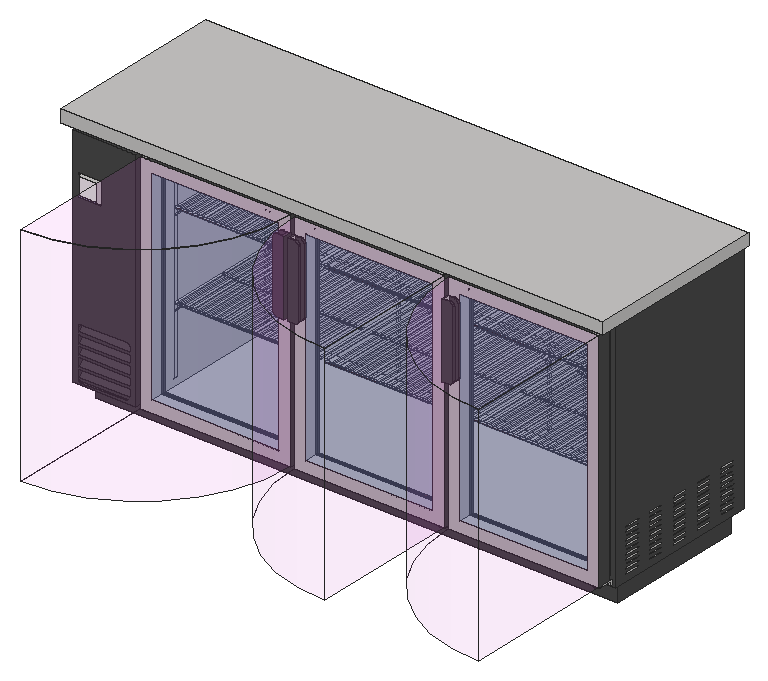
Revit family "QF_Kelvinator_738274_KCHBB72G_3-Glass_Door_Back_Bar_Refrigerator_Black_73_Long", category Specialty Equipment, Revit 2021 (continued)
Definition of nested family "KCHBB48S"
  Definition of nested family "Family1"
    Forms (in)
      Extrusion 9, solid
        sketch origin (-1.99196, -0.22718, 30.54873) x (0, -1, 0) y (1, 0, 0)
          loop
            circle (0.64782, 2.54332) r 0.25
        from 0 to 0.125
      Extrusion 10, solid
        sketch origin (-1, 0.35049, 31.46969) x (0, 0, -1) y (1, 0, 0)
          loop
            circle (0.77738, 2.54332) r 0.25
        from 0 to 0.125
      Extrusion 11, solid
        sketch origin (-2, 0.35049, 31.46969) x (0, 0, -1) y (1, 0, 0)
          loop
            circle (0.77738, 2.54332) r 0.25
        from 0 to 0.125
      Extrusion 12, solid
        sketch origin (0, 0.5, -1.02282) x (0, 0, -1) y (-1, 0, 0)
          loop
            line (-1.02282, 0) -> (-1.02282, -3) -> (-0.40238, -3) -> (-0.40238, 0) -> (-1.02282, 0)
        from 0 to -0.14951
      Extrusion 13, solid
        sketch origin (-38.39759, -180, 0) x (0, 1, 0) y (1, 0, 0)
          loop
            line (180.5, 38.39759) -> (180.5, 39.50032) -> (178.875, 39.50032)
            arc (178.875, 39.50032) -> (178.32364, 38.94896) -> (178.875, 38.39759) r 0.55136
            line (178.875, 38.39759) -> (180.5, 38.39759)
        from 0 to 0.14873
      Extrusion 14, solid
        sketch origin (0, 0.35049, -1.06969) x (0, 0, 1) y (-1, 0, 0)
          loop
            circle (0.77738, -2.54332) r 0.25
        from 0 to 0.125
      Extrusion 15, solid
        sketch origin (-1.99196, -0.22718, -0.14873) x (-1, 0, 0) y (0, 1, 0)
          loop
            circle (-2.54332, -0.64782) r 0.25
        from 0 to 0.125
      Extrusion 16, solid
        sketch origin (1, 0.35049, -1.06969) x (0, 0, 1) y (-1, 0, 0)
          loop
            circle (0.77738, -0.54332) r 0.25
        from 0 to 0.125
      Extrusion 17, solid
        sketch origin (2, 0.35049, -1.06969) x (0, 0, 1) y (-1, 0, 0)
          loop
            circle (0.77738, 1.45668) r 0.25
        from 0 to 0.125
      Extrusion 18, void
        sketch origin (0, 0, 0) x (1, 0, 0) y (0, 0, 1)
          loop
            line (18.7, 28.9) -> (1.5, 28.9) -> (1.5, 1.5) -> (18.7, 1.5) -> (18.7, 28.9)
        from -0.5 to 1.75
      Extrusion 19, solid
        sketch origin (0, 0, 0) x (1, 0, 0) y (0, 0, 1)
          loop
            line (1.5, 28.9) -> (1.5, 1.5) -> (18.7, 1.5) -> (18.7, 28.9) -> (1.5, 28.9)
        from 0 to 1.75
      Extrusion 20, solid
        sketch origin (0, -1.75, 0) x (1, 0, 0) y (0, 0, 1)
          loop
            line (18.7, 28.28433) -> (18.7, 18.28433) -> (20.2, 18.28433) -> (20.2, 28.28433) -> (18.7, 28.28433)
        from 0 to 1.07803
      Extrusion 21, void
        sketch origin (18.7, -1.75, 28.28433) x (0, 1, 0) y (1, 0, 0)
          loop
            line (-0.20136, 1.25) -> (-0.88809, 1.25) -> (-0.88809, 0) -> (-0.20136, 0) -> (-0.20136, 1.25)
        from 0 to 10
      Extrusion 22, void
        sketch origin (0, -1.75, 0) x (1, 0, 0) y (0, 0, 1)
          loop
            line (20.34063, 28.28433) -> (20.34063, 28.45985) -> (18.51722, 28.45985) -> (18.51722, 27.64371) -> (18.68438, 27.64371)
            arc (18.68438, 27.64371) -> (18.87201, 28.0967) -> (19.325, 28.28433) r 0.64062
            line (19.325, 28.28433) -> (20.34063, 28.28433)
          loop
            line (20.34063, 18.28433) -> (19.325, 18.28433)
            arc (19.325, 18.28433) -> (18.87201, 18.47197) -> (18.68438, 18.92496) r 0.64062
            line (18.68438, 18.92496) -> (18.51722, 18.92496) -> (18.51722, 18.10882) -> (20.34063, 18.10882) -> (20.34063, 18.28433)
        from 0 to 1.07803
      Extrusion 23, solid, visible <- "Show Clearance"
        sketch origin (0, 0, 0) x (1, 0, 0) y (0, 1, 0)
          loop
            line (0, -1.75) -> (0, -21.95)
            arc (0, -21.95) -> (14.28356, -16.03356) -> (20.2, -1.75) r 20.2
            line (20.2, -1.75) -> (0, -1.75)
        from 0 to 30.4
    Cuts and joins
      Extrusion 2, Extrusion 3, Extrusion 18, Extrusion 22 cuts Extrusion 1
      joined: Extrusion 6, Extrusion 7, Extrusion 8, Extrusion 9, Extrusion 10, Extrusion 11
      joined: Extrusion 12, Extrusion 13, Extrusion 14, Extrusion 15, Extrusion 16, Extrusion 17
      Extrusion 18, Extrusion 22 cuts Extrusion 4
      Extrusion 18 cuts Extrusion 5
      Extrusion 22 cuts Extrusion 19
      Extrusion 21, Extrusion 22 cuts Extrusion 20
    Lines and regions (in)
      Split face 1
        outline origin (0, -1.75, 30.4) x (-1, 0, 0) y (0, 0, -1)
          loop
            arc (-16.6075, 0.1875) -> (-16.295, 0.5) -> (-16.6075, 0.8125) r 0.3125
            line (-16.6075, 0.8125) -> (-17.70125, 0.8125)
            arc (-17.70125, 0.8125) -> (-18.01375, 0.5) -> (-17.70125, 0.1875) r 0.3125
            line (-17.70125, 0.1875) -> (-16.6075, 0.1875)
      Split face 2
        outline origin (0, -1.75, 30.4) x (-1, 0, 0) y (0, 0, -1)
          loop
            circle (-17.15437, 0.5) r 0.2773
      symbolic lines, visible <- "Show Clearance"
        curve 1: arc (17.31478, -12.15377, 0) -> (19.38442, -7.43194, 0) -> (20.19138, -2.34, 0) r 20.2
        curve 2: line (0.98192, -2.34, 0) -> (17.31478, -12.15377, 0)
    Dimensions and locks (in)
      equal spacing: plane 3 "LEFT", plane 7 "Center Y", plane 4 "RIGHT"
      "Length": plane 3 "LEFT" to plane 4 "RIGHT"
      equal spacing: plane 5 "FRONT", plane 8 "Center X", plane 1 "BACK"
      "Depth": plane 5 "FRONT" to plane 1 "BACK"
      "Height": plane 6 "TOP" to level
      locked: plane 13 to plane 4 "RIGHT" at 0.3125
      locked: plane 14 to plane 4 "RIGHT" at 1.5
      aligned and locked: level to plane 2
      aligned and locked: cut or joined group of Extrusion 4, Extrusion 18, Extrusion 22 to plane 13
      aligned and locked: cut or joined group of Extrusion 5, Extrusion 18 to plane 13
      aligned and locked: cut or joined group of Extrusion 19, Extrusion 22 to plane 14
      aligned and locked: plane 14 to cut or joined group of Extrusion 20, Extrusion 21, Extrusion 22
    Automatic sketch dimensions
      Extrusion 1 sketch curve to level = 0.000"
      Extrusion 1 sketch curve to plane 3 "LEFT" = 0.000"
      plane 4 "RIGHT" to Extrusion 1 sketch curve = 0.000"
      Extrusion 1 sketch curve to plane 6 "TOP" = 0.000"
      Extrusion 2 sketch curve to plane 6 "TOP" = 4.42179"
      Extrusion 2 sketch curve to Extrusion 2 sketch curve = 0.3367"
      Extrusion 2 sketch curve to Extrusion 2 sketch curve = 0.33813"  (x2)
      Extrusion 2 sketch curve to Extrusion 2 sketch curve = 0.09937"  (x2)
      Extrusion 2 sketch curve to Extrusion 2 sketch curve = 0.1008"  (x2)
      plane 12 to Extrusion 2 sketch curve = 4.2715"
      Extrusion 2 sketch curve to Extrusion 2 sketch curve = 0.06211"
      Extrusion 2 sketch curve to Extrusion 2 sketch curve = 0.541"  (x2)
      plane 7 "Center Y" to Extrusion 2 sketch curve = 4.175"
      Extrusion 2 sketch curve to Extrusion 2 sketch curve = 0.000"
      Extrusion 2 sketch curve to Extrusion 2 sketch curve = 0.47572"
      Extrusion 2 sketch curve to Extrusion 2 sketch curve = 0.063"
      Split face 1 sketch curve to cut or joined group of Extrusion 1, Extrusion 2, Extrusion 3, Extrusion 18, Extrusion 22 = 0.1875"
      cut or joined group of Extrusion 1, Extrusion 2, Extrusion 3, Extrusion 18, Extrusion 22 to Split face 1 sketch curve = 0.2873"  (x2)
      Split face 1 sketch curve to cut or joined group of Extrusion 1, Extrusion 2, Extrusion 3, Extrusion 18, Extrusion 22 = 0.03125"
      Split face 2 sketch curve to cut or joined group of Extrusion 1, Extrusion 2, Extrusion 3, Extrusion 18, Extrusion 22 = 0.03125"
      Split face 2 sketch curve to cut or joined group of Extrusion 1, Extrusion 2, Extrusion 3, Extrusion 18, Extrusion 22 = 0.25958"
      Extrusion 1 to Extrusion 3 sketch curve = 0.46875"
      Extrusion 1 to Extrusion 3 sketch curve = 2.78605"
      Extrusion 3 sketch curve to Extrusion 3 sketch curve = 0.51916"
      Extrusion 3 sketch curve to Extrusion 3 sketch curve = 0.0625"
      Extrusion 4 sketch curve to plane 1 "BACK" = 0.000"
      level to Extrusion 4 sketch curve = 0.32425"
      Extrusion 4 sketch curve to plane 6 "TOP" = 0.32575"
      Extrusion 4 sketch curve to Extrusion 4 sketch curve = 0.250"
      Extrusion 5 sketch curve to plane 9 = 0.000"
      level to Extrusion 5 sketch curve = 0.32425"
      Extrusion 5 sketch curve to plane 6 "TOP" = 0.32575"
      Extrusion 5 sketch curve to Extrusion 5 sketch curve = 0.250"
      Extrusion 6 sketch curve to plane 6 "TOP" = 0.000"
      Extrusion 6 sketch curve to plane 3 "LEFT" = 0.000"
      Extrusion 6 sketch curve to plane 10 = 0.12956"
      plane 12 to Extrusion 6 sketch curve = 2.6875"
      Extrusion 7 sketch curve to plane 9 = 0.000"
      Extrusion 7 sketch curve to plane 3 "LEFT" = 0.000"
      plane 12 to Extrusion 7 sketch curve = 0.23886"
      Extrusion 7 sketch curve to plane 8 "Center X" = 0.250"
      Extrusion 8 sketch curve to Extrusion 6 = 0.29232"
      Extrusion 8 sketch curve to Extrusion 6 = 0.45668"
      Extrusion 9 sketch curve to plane 8 "Center X" = 0.000"
      plane 12 to Extrusion 9 sketch curve = 0.23886"
      Extrusion 10 sketch curve to Extrusion 6 = 0.29232"
      Extrusion 10 sketch curve to Extrusion 6 = 1.45668"
      Extrusion 11 sketch curve to Extrusion 6 = 0.29232"
      Extrusion 11 sketch curve to Extrusion 6 = 0.54332"
      Extrusion 12 sketch curve to level = 0.000"
      Extrusion 12 sketch curve to plane 3 "LEFT" = 0.000"
      Extrusion 12 sketch curve to plane 11 = 0.12956"
      plane 12 to Extrusion 12 sketch curve = 2.6875"
      Extrusion 13 sketch curve to plane 3 "LEFT" = 0.000"
      Extrusion 13 sketch curve to plane 9 = 0.000"
      Extrusion 13 sketch curve to plane 8 "Center X" = 0.250"
      Extrusion 13 sketch curve to Extrusion 13 sketch curve = 0.55136"
      Extrusion 14 sketch curve to Extrusion 12 = 0.29232"
      Extrusion 14 sketch curve to Extrusion 12 = 0.45668"
      Extrusion 15 sketch curve to plane 8 "Center X" = 0.000"
      plane 12 to Extrusion 15 sketch curve = 0.23886"
      Extrusion 16 sketch curve to Extrusion 12 = 0.29232"
      Extrusion 16 sketch curve to Extrusion 12 = 1.45668"
      Extrusion 17 sketch curve to Extrusion 12 = 0.29232"
      Extrusion 17 sketch curve to Extrusion 12 = 0.54332"
      plane 3 "LEFT" to Extrusion 18 sketch curve = 1.500"
      Extrusion 18 sketch curve to plane 6 "TOP" = 1.500"
      level to Extrusion 18 sketch curve = 1.500"
      plane 4 "RIGHT" to Extrusion 18 sketch curve = 1.500"
      plane 12 to Extrusion 19 sketch curve = 1.1875"
      level to Extrusion 19 sketch curve = 1.500"
      Extrusion 19 sketch curve to plane 6 "TOP" = 1.500"
      plane 4 "RIGHT" to Extrusion 20 sketch curve = 0.000"
      Extrusion 20 sketch curve to plane 6 "TOP" = 12.11567"
      Extrusion 20 sketch curve to plane 6 "TOP" = 2.11567"
      Extrusion 21 sketch curve to Extrusion 20 = 1.250"
      Extrusion 21 sketch curve to Extrusion 20 = 1.500"
      Extrusion 20 to Extrusion 21 sketch curve = 0.18994"
      Extrusion 20 to Extrusion 21 sketch curve = 0.20136"
      Extrusion 22 sketch curve to Extrusion 20 = 0.000"  (x2)
      Extrusion 22 sketch curve to Extrusion 20 = 0.18278"  (x2)
      Extrusion 22 sketch curve to Extrusion 20 = 0.01562"  (x2)
      Extrusion 20 to Extrusion 22 sketch curve = 0.625"  (x2)
      Extrusion 22 sketch curve to Extrusion 20 = 0.14062"  (x2)
      Extrusion 22 sketch curve to Extrusion 20 = 0.17552"
      Extrusion 22 sketch curve to Extrusion 22 sketch curve = 0.17552"
      Extrusion 23 sketch curve to plane 3 "LEFT" = 0.000"
      Extrusion 23 sketch curve to plane 4 "RIGHT" = 0.000"
      plane 5 "FRONT" to Extrusion 23 sketch curve = 0.000"
      plane 13 to Extrusion 19 sketch curve = 1.1875"
      plane 13 to Extrusion 20 sketch curve = 1.1875"
      curve 1 to plane 3 "LEFT" = 0.000"
      curve 2 to plane 15 = 0.000"
      curve 1 to plane 15 = 0.000"
      plane 5 "FRONT" to curve 1 = 0.000"
      plane 14 to curve 2 = 1.38522"
      curve 2 to plane 15 = 9.81377"
      plane 12 to curve 2 = 0.66942"
      radius of Split face 2 sketch curve = 0.2773"
      radius of Extrusion 8 sketch curve = 0.250"
      radius of Extrusion 9 sketch curve = 0.250"
      radius of Extrusion 10 sketch curve = 0.250"
      radius of Extrusion 11 sketch curve = 0.250"
      radius of Extrusion 14 sketch curve = 0.250"
      radius of Extrusion 15 sketch curve = 0.250"
      radius of Extrusion 16 sketch curve = 0.250"
      radius of Extrusion 17 sketch curve = 0.250"
  Definition of nested family "Family2"
    Parameters (values of type "Family2")
      Weight in Pounds = 0
      URL Cutsheet = ""
      Specification by User = ""
      Specification by Manufacturer = ""
      Serial Number = ""
      Seismic Rating = ""
      SMACNA No = ""
      Revision Code = ""
      NAFEM Spec ID Number = ""
      Masterspec = ""
      Length = 60.250"
      Item Number = ""
      Installed By = ""
      Identify Quantity as Lot = yes
      Height = 27.000"
      Furnished By = ""
      Foodservice Equipment Identifier = yes
      Depth = 17.500"
      Default Elevation = 0.000"
      CSI MasterFormat = ""
    Reference planes (in)
      plane 1 "BACK": y = 0
      plane 2: z = 0
      plane 3 "LEFT": x = 0
      plane 4 "RIGHT": x = 60.25
      plane 5 "FRONT": y = -17.5
      plane 6 "TOP": z = 27
      plane 7 "Center Y": x = 30.125
      plane 8 "Center X": y = -8.75
      plane 9: x = 19.75
      plane 10: x = 40.5
      plane 11: x = 20.25
      plane 12: x = 40
    Forms (in)
      Sweep 1, solid
        path origin (0, -0.375, -12.5068) x (1, 0, 0) y (0, 1, 0)
          loop
            arc (0.77862, -0.125) -> (0.60184, -0.19822) -> (0.52862, -0.375) r 0.25
            line (0.52862, -0.375) -> (0.52862, -15.625)
            arc (0.52862, -15.625) -> (0.60184, -15.80178) -> (0.77862, -15.875) r 0.25
            line (0.77862, -15.875) -> (19.4375, -15.875)
            arc (19.4375, -15.875) -> (19.61428, -15.80178) -> (19.6875, -15.625) r 0.25
            line (19.6875, -15.625) -> (19.6875, -0.375)
            arc (19.6875, -0.375) -> (19.61428, -0.19822) -> (19.4375, -0.125) r 0.25
            line (19.4375, -0.125) -> (0.77862, -0.125)
        profile origin (10.10806, -0.5, -12.5068) x (0, 1, 0) y (0, 0, 1)
          loop
            circle (0, 33.51221) r 0.125
      Sweep 2, solid
        path origin (0, -0.375, -12.5068) x (1, 0, 0) y (0, 0, 1)
          loop
            line (0.65748, 33.41305) -> (0.65748, 34.5)
            arc (0.65748, 34.5) -> (0.80392, 34.85355) -> (1.15748, 35) r 0.5
            line (1.15748, 35) -> (18.93214, 35)
            arc (18.93214, 35) -> (19.28569, 34.85355) -> (19.43214, 34.5) r 0.5
            line (19.43214, 34.5) -> (19.43214, 33.39548)
        profile origin (1.15748, -0.375, 22.4932) x (0, 0, 1) y (0, -1, 0)
          loop
            circle (0, 0.125) r 0.125
      Extrusion 3, solid
        sketch origin (0, -0.375, -12.5068) x (1, 0, 0) y (0, 0, 1)
          loop
            circle (1.24728, 33.51221) r 0.11607
          loop
            circle (1.99728, 33.51221) r 0.11719
          loop
            circle (2.74728, 33.51221) r 0.11719
          loop
            circle (3.49728, 33.51221) r 0.11719
          loop
            circle (4.24728, 33.51221) r 0.11719
          loop
            circle (4.99728, 33.51221) r 0.11719
          loop
            circle (5.74728, 33.51221) r 0.11719
          loop
            circle (6.49728, 33.51221) r 0.11719
          loop
            circle (7.24728, 33.51221) r 0.11719
          loop
            circle (7.99728, 33.51221) r 0.11719
          loop
            circle (8.74728, 33.51221) r 0.11719
          loop
            circle (12.59103, 33.51221) r 0.11719
          loop
            circle (9.49728, 33.51221) r 0.11719
          loop
            circle (10.24728, 33.51221) r 0.11719
          loop
            circle (10.99728, 33.51221) r 0.11719
          loop
            circle (11.74728, 33.51221) r 0.11719
          loop
            circle (16.44022, 33.51221) r 0.11719
          loop
            circle (15.69022, 33.51221) r 0.11719
          loop
            circle (14.94022, 33.51221) r 0.11719
          loop
            circle (14.19022, 33.51221) r 0.11719
          loop
            circle (13.44022, 33.51221) r 0.11719
          loop
            circle (18.71603, 33.51221) r 0.11719
          loop
            circle (17.12228, 33.51221) r 0.11719
          loop
            circle (17.87228, 33.51221) r 0.11719
        from 0.11338 to 15.87625
      Extrusion 4, solid
        sketch origin (0, -0.375, -12.5068) x (0, 1, 0) y (0, 0, 1)
          loop
            circle (-8, 33.51181) r 0.11366
        from 0.53657 to 19.50171
      Extrusion 5, solid
        sketch origin (17.375, -16, 0) x (1, 0, 0) y (0, 0, 1)
          loop
            line (42.875, 27) -> (42.69822, 26.82322) -> (42.69822, 0.17678) -> (42.875, 0) -> (42.875, 27)
        from 0 to -0.25
      Extrusion 6, solid
        sketch origin (17.375, -0.5, 0) x (1, 0, 0) y (0, 0, -1)
          loop
            line (42.875, -27) -> (42.875, 0) -> (42.69822, -0.17678) -> (42.69822, -26.82322) -> (42.875, -27)
        from 0 to -0.25
      Extrusion 7, solid
        sketch origin (10.98556, -16, -0.25) x (1, 0, 0) y (0, 0, 1)
          loop
            line (49.08766, 9.5) -> (49.08766, 9.625) -> (48.04932, 9.625)
            arc (48.04932, 9.625) -> (48.01474, 9.60189) -> (48.02285, 9.5611) r 0.03743
            line (48.02285, 9.5611) -> (49.08766, 8.49629) -> (49.08766, 8.67306) -> (48.30703, 9.45369)
            arc (48.30703, 9.45369) -> (48.30115, 9.48325) -> (48.32622, 9.5) r 0.02713
            line (48.32622, 9.5) -> (49.08766, 9.5)
          loop
            line (49.08766, 21) -> (49.08766, 21.125) -> (48.04932, 21.125)
            arc (48.04932, 21.125) -> (48.01474, 21.10189) -> (48.02285, 21.0611) r 0.03743
            line (48.02285, 21.0611) -> (49.08766, 19.99629) -> (49.08766, 20.17306) -> (48.30703, 20.95369)
            arc (48.30703, 20.95369) -> (48.30115, 20.98325) -> (48.32622, 21) r 0.02713
            line (48.32622, 21) -> (49.08766, 21)
        from 0 to -0.25
      Extrusion 8, solid
        sketch origin (11.0625, -0.5, -0.25) x (1, 0, 0) y (0, 0, -1)
          loop
            line (49.01072, -9.5) -> (48.24928, -9.5)
            arc (48.24928, -9.5) -> (48.22422, -9.48325) -> (48.2301, -9.45369) r 0.02713
            line (48.2301, -9.45369) -> (49.01072, -8.67306) -> (49.01072, -8.49629) -> (47.94591, -9.5611)
            arc (47.94591, -9.5611) -> (47.9378, -9.60189) -> (47.97238, -9.625) r 0.03743
            line (47.97238, -9.625) -> (49.01072, -9.625) -> (49.01072, -9.5)
          loop
            line (49.01072, -21) -> (48.24928, -21)
            arc (48.24928, -21) -> (48.22422, -20.98325) -> (48.2301, -20.95369) r 0.02713
            line (48.2301, -20.95369) -> (49.01072, -20.17306) -> (49.01072, -19.99629) -> (47.94591, -21.0611)
            arc (47.94591, -21.0611) -> (47.9378, -21.10189) -> (47.97238, -21.125) r 0.03743
            line (47.97238, -21.125) -> (49.01072, -21.125) -> (49.01072, -21)
        from 0 to -0.25
      Extrusion 9, solid
        sketch origin (18.875, -16, 0) x (-1, 0, 0) y (0, 0, -1)
          loop
            line (18.875, -27) -> (18.875, 0) -> (18.69822, -0.17678) -> (18.69822, -26.82322) -> (18.875, -27)
        from 0 to -0.25
      Extrusion 10, solid
        sketch origin (18.875, -0.5, 0) x (-1, 0, 0) y (0, 0, 1)
          loop
            line (18.875, 27) -> (18.69822, 26.82322) -> (18.69822, 0.17678) -> (18.875, 0) -> (18.875, 27)
        from 0 to -0.25
      Extrusion 11, solid
        sketch origin (25.26444, -16, -0.25) x (-1, 0, 0) y (0, 0, -1)
          loop
            line (25.08766, -9.5) -> (24.32622, -9.5)
            arc (24.32622, -9.5) -> (24.30115, -9.48325) -> (24.30703, -9.45369) r 0.02713
            line (24.30703, -9.45369) -> (25.08766, -8.67306) -> (25.08766, -8.49629) -> (24.02285, -9.5611)
            arc (24.02285, -9.5611) -> (24.01474, -9.60189) -> (24.04932, -9.625) r 0.03743
            line (24.04932, -9.625) -> (25.08766, -9.625) -> (25.08766, -9.5)
          loop
            line (25.08766, -21) -> (24.32622, -21)
            arc (24.32622, -21) -> (24.30115, -20.98325) -> (24.30703, -20.95369) r 0.02713
            line (24.30703, -20.95369) -> (25.08766, -20.17306) -> (25.08766, -19.99629) -> (24.02285, -21.0611)
            arc (24.02285, -21.0611) -> (24.01474, -21.10189) -> (24.04932, -21.125) r 0.03743
            line (24.04932, -21.125) -> (25.08766, -21.125) -> (25.08766, -21)
        from 0 to -0.25
      Extrusion 12, solid
        sketch origin (25.1875, -0.5, -0.25) x (-1, 0, 0) y (0, 0, 1)
          loop
            line (25.01072, 9.5) -> (25.01072, 9.625) -> (23.97238, 9.625)
            arc (23.97238, 9.625) -> (23.9378, 9.60189) -> (23.94591, 9.5611) r 0.03743
            line (23.94591, 9.5611) -> (25.01072, 8.49629) -> (25.01072, 8.67306) -> (24.2301, 9.45369)
            arc (24.2301, 9.45369) -> (24.22422, 9.48325) -> (24.24928, 9.5) r 0.02713
            line (24.24928, 9.5) -> (25.01072, 9.5)
          loop
            line (25.01072, 21) -> (25.01072, 21.125) -> (23.97238, 21.125)
            arc (23.97238, 21.125) -> (23.9378, 21.10189) -> (23.94591, 21.0611) r 0.03743
            line (23.94591, 21.0611) -> (25.01072, 19.99629) -> (25.01072, 20.17306) -> (24.2301, 20.95369)
            arc (24.2301, 20.95369) -> (24.22422, 20.98325) -> (24.24928, 21) r 0.02713
            line (24.24928, 21) -> (25.01072, 21)
        from 0 to -0.25
      Extrusion 13, solid
        sketch origin (2.25171, -18.875, 0) x (0, 1, 0) y (0, 0, -1)
          loop
            line (18.875, -27) -> (18.875, 0) -> (18.69822, -0.17678) -> (18.69822, -26.82322) -> (18.875, -27)
        from 0 to -0.25
      Extrusion 14, solid
        sketch origin (2.25171, -25.26444, -0.25) x (0, 1, 0) y (0, 0, -1)
          loop
            line (25.08766, -9.48438) -> (24.32622, -9.48438)
            arc (24.32622, -9.48438) -> (24.30115, -9.46763) -> (24.30703, -9.43806) r 0.02713
            line (24.30703, -9.43806) -> (25.08766, -8.65744) -> (25.08766, -8.48066) -> (24.02285, -9.54547)
            arc (24.02285, -9.54547) -> (24.01474, -9.58627) -> (24.04932, -9.60938) r 0.03743
            line (24.04932, -9.60938) -> (25.08766, -9.60938) -> (25.08766, -9.48438)
          loop
            line (25.08766, -21) -> (24.32622, -21)
            arc (24.32622, -21) -> (24.30115, -20.98325) -> (24.30703, -20.95369) r 0.02713
            line (24.30703, -20.95369) -> (25.08766, -20.17306) -> (25.08766, -19.99629) -> (24.02285, -21.0611)
            arc (24.02285, -21.0611) -> (24.01474, -21.10189) -> (24.04932, -21.125) r 0.03743
            line (24.04932, -21.125) -> (25.08766, -21.125) -> (25.08766, -21)
        from 0 to -0.25
      Extrusion 15, solid
        sketch origin (17.43921, -18.875, 0) x (0, 1, 0) y (0, 0, -1)
          loop
            line (18.875, -27) -> (18.875, 0) -> (18.69822, -0.17678) -> (18.69822, -26.82322) -> (18.875, -27)
        from 0 to -0.25
      Extrusion 16, solid
        sketch origin (17.43921, -25.26444, -0.25) x (0, 1, 0) y (0, 0, -1)
          loop
            line (25.08766, -9.48438) -> (24.32622, -9.48438)
            arc (24.32622, -9.48438) -> (24.30115, -9.46763) -> (24.30703, -9.43806) r 0.02713
            line (24.30703, -9.43806) -> (25.08766, -8.65744) -> (25.08766, -8.48066) -> (24.02285, -9.54547)
            arc (24.02285, -9.54547) -> (24.01474, -9.58627) -> (24.04932, -9.60938) r 0.03743
            line (24.04932, -9.60938) -> (25.08766, -9.60938) -> (25.08766, -9.48438)
          loop
            line (25.08766, -21) -> (24.32622, -21)
            arc (24.32622, -21) -> (24.30115, -20.98325) -> (24.30703, -20.95369) r 0.02713
            line (24.30703, -20.95369) -> (25.08766, -20.17306) -> (25.08766, -19.99629) -> (24.02285, -21.0611)
            arc (24.02285, -21.0611) -> (24.01474, -21.10189) -> (24.04932, -21.125) r 0.03743
            line (24.04932, -21.125) -> (25.08766, -21.125) -> (25.08766, -21)
        from 0 to -0.25
      Sweep 17, solid
        path origin (0, -0.375, -24.0068) x (1, 0, 0) y (0, 1, 0)
          loop
            arc (0.77862, -0.125) -> (0.60184, -0.19822) -> (0.52862, -0.375) r 0.25
            line (0.52862, -0.375) -> (0.52862, -15.625)
            arc (0.52862, -15.625) -> (0.60184, -15.80178) -> (0.77862, -15.875) r 0.25
            line (0.77862, -15.875) -> (19.4375, -15.875)
            arc (19.4375, -15.875) -> (19.61428, -15.80178) -> (19.6875, -15.625) r 0.25
            line (19.6875, -15.625) -> (19.6875, -0.375)
            arc (19.6875, -0.375) -> (19.61428, -0.19822) -> (19.4375, -0.125) r 0.25
            line (19.4375, -0.125) -> (0.77862, -0.125)
        profile origin (10.10806, -0.5, -24.0068) x (0, 1, 0) y (0, 0, 1)
          loop
            circle (0, 33.51221) r 0.125
      Sweep 18, solid
        path origin (0, -0.375, -24.0068) x (1, 0, 0) y (0, 0, 1)
          loop
            line (0.65748, 33.41305) -> (0.65748, 34.5)
            arc (0.65748, 34.5) -> (0.80392, 34.85355) -> (1.15748, 35) r 0.5
            line (1.15748, 35) -> (18.93214, 35)
            arc (18.93214, 35) -> (19.28569, 34.85355) -> (19.43214, 34.5) r 0.5
            line (19.43214, 34.5) -> (19.43214, 33.39548)
        profile origin (1.15748, -0.375, 10.9932) x (0, 0, 1) y (0, -1, 0)
          loop
            circle (0, 0.125) r 0.125
      Extrusion 19, solid
        sketch origin (0, -0.375, -24.0068) x (1, 0, 0) y (0, 0, 1)
          loop
            circle (1.24728, 33.51221) r 0.11607
          loop
            circle (1.99728, 33.51221) r 0.11719
          loop
            circle (2.74728, 33.51221) r 0.11719
          loop
            circle (3.49728, 33.51221) r 0.11719
          loop
            circle (4.24728, 33.51221) r 0.11719
          loop
            circle (4.99728, 33.51221) r 0.11719
          loop
            circle (5.74728, 33.51221) r 0.11719
          loop
            circle (6.49728, 33.51221) r 0.11719
          loop
            circle (7.24728, 33.51221) r 0.11719
          loop
            circle (7.99728, 33.51221) r 0.11719
          loop
            circle (8.74728, 33.51221) r 0.11719
          loop
            circle (12.59103, 33.51221) r 0.11719
          loop
            circle (9.49728, 33.51221) r 0.11719
          loop
            circle (10.24728, 33.51221) r 0.11719
          loop
            circle (10.99728, 33.51221) r 0.11719
          loop
            circle (11.74728, 33.51221) r 0.11719
          loop
            circle (16.44022, 33.51221) r 0.11719
          loop
            circle (15.69022, 33.51221) r 0.11719
          loop
            circle (14.94022, 33.51221) r 0.11719
          loop
            circle (14.19022, 33.51221) r 0.11719
          loop
            circle (13.44022, 33.51221) r 0.11719
          loop
            circle (18.71603, 33.51221) r 0.11719
          loop
            circle (17.12228, 33.51221) r 0.11719
          loop
            circle (17.87228, 33.51221) r 0.11719
        from 0.11338 to 15.87625
      Extrusion 20, solid
        sketch origin (0, -0.375, -24.0068) x (0, 1, 0) y (0, 0, 1)
          loop
            circle (-8, 33.51181) r 0.11366
        from 0.53657 to 19.50171
      Sweep 21, solid
        path origin (60.25, -0.375, -12.5068) x (-1, 0, 0) y (0, -1, 0)
          loop
            line (0.77862, 0.125) -> (19.4375, 0.125)
            arc (19.4375, 0.125) -> (19.61428, 0.19822) -> (19.6875, 0.375) r 0.25
            line (19.6875, 0.375) -> (19.6875, 15.625)
            arc (19.6875, 15.625) -> (19.61428, 15.80178) -> (19.4375, 15.875) r 0.25
            line (19.4375, 15.875) -> (0.77862, 15.875)
            arc (0.77862, 15.875) -> (0.60184, 15.80178) -> (0.52862, 15.625) r 0.25
            line (0.52862, 15.625) -> (0.52862, 0.375)
            arc (0.52862, 0.375) -> (0.60184, 0.19822) -> (0.77862, 0.125) r 0.25
        profile origin (50.14194, -0.5, -12.5068) x (0, -1, 0) y (0, 0, 1)
          loop
            circle (0, 33.51221) r 0.125
      Sweep 22, solid
        path origin (60.25, -0.375, -12.5068) x (-1, 0, 0) y (0, 0, -1)
          loop
            line (0.65748, -33.41305) -> (0.65748, -34.5)
            arc (0.65748, -34.5) -> (0.80392, -34.85355) -> (1.15748, -35) r 0.5
            line (1.15748, -35) -> (18.93214, -35)
            arc (18.93214, -35) -> (19.28569, -34.85355) -> (19.43214, -34.5) r 0.5
            line (19.43214, -34.5) -> (19.43214, -33.39548)
        profile origin (59.09252, -0.375, 22.4932) x (0, 0, -1) y (0, -1, 0)
          loop
            circle (0, 0.125) r 0.125
      Extrusion 23, solid
        sketch origin (60.25, -0.375, -12.5068) x (-1, 0, 0) y (0, 0, -1)
          loop
            circle (1.24728, -33.51221) r 0.11607
          loop
            circle (1.99728, -33.51221) r 0.11719
          loop
            circle (2.74728, -33.51221) r 0.11719
          loop
            circle (3.49728, -33.51221) r 0.11719
          loop
            circle (4.24728, -33.51221) r 0.11719
          loop
            circle (4.99728, -33.51221) r 0.11719
          loop
            circle (5.74728, -33.51221) r 0.11719
          loop
            circle (6.49728, -33.51221) r 0.11719
          loop
            circle (7.24728, -33.51221) r 0.11719
          loop
            circle (7.99728, -33.51221) r 0.11719
          loop
            circle (8.74728, -33.51221) r 0.11719
          loop
            circle (12.59103, -33.51221) r 0.11719
          loop
            circle (9.49728, -33.51221) r 0.11719
          loop
            circle (10.24728, -33.51221) r 0.11719
          loop
            circle (10.99728, -33.51221) r 0.11719
          loop
            circle (11.74728, -33.51221) r 0.11719
          loop
            circle (16.44022, -33.51221) r 0.11719
          loop
            circle (15.69022, -33.51221) r 0.11719
          loop
            circle (14.94022, -33.51221) r 0.11719
          loop
            circle (14.19022, -33.51221) r 0.11719
          loop
            circle (13.44022, -33.51221) r 0.11719
          loop
            circle (18.71603, -33.51221) r 0.11719
          loop
            circle (17.12228, -33.51221) r 0.11719
          loop
            circle (17.87228, -33.51221) r 0.11719
        from 0.11338 to 15.87625
      Extrusion 24, solid
        sketch origin (60.25, -0.375, -12.5068) x (0, 1, 0) y (0, 0, -1)
          loop
            circle (-8, -33.51181) r 0.11366
        from 0.53657 to 19.50171
      Extrusion 25, solid
        sketch origin (57.99829, -18.875, 0) x (0, 1, 0) y (0, 0, 1)
          loop
            line (18.875, 27) -> (18.69822, 26.82322) -> (18.69822, 0.17678) -> (18.875, 0) -> (18.875, 27)
        from 0 to -0.25
      Extrusion 26, solid
        sketch origin (57.99829, -25.26444, -0.25) x (0, 1, 0) y (0, 0, 1)
          loop
            line (25.08766, 9.48438) -> (25.08766, 9.60938) -> (24.04932, 9.60938)
            arc (24.04932, 9.60938) -> (24.01474, 9.58627) -> (24.02285, 9.54547) r 0.03743
            line (24.02285, 9.54547) -> (25.08766, 8.48066) -> (25.08766, 8.65744) -> (24.30703, 9.43806)
            arc (24.30703, 9.43806) -> (24.30115, 9.46763) -> (24.32622, 9.48438) r 0.02713
            line (24.32622, 9.48438) -> (25.08766, 9.48438)
          loop
            line (25.08766, 21) -> (25.08766, 21.125) -> (24.04932, 21.125)
            arc (24.04932, 21.125) -> (24.01474, 21.10189) -> (24.02285, 21.0611) r 0.03743
            line (24.02285, 21.0611) -> (25.08766, 19.99629) -> (25.08766, 20.17306) -> (24.30703, 20.95369)
            arc (24.30703, 20.95369) -> (24.30115, 20.98325) -> (24.32622, 21) r 0.02713
            line (24.32622, 21) -> (25.08766, 21)
        from 0 to -0.25
      Extrusion 27, solid
        sketch origin (42.81079, -18.875, 0) x (0, 1, 0) y (0, 0, 1)
          loop
            line (18.875, 27) -> (18.69822, 26.82322) -> (18.69822, 0.17678) -> (18.875, 0) -> (18.875, 27)
        from 0 to -0.25
      Extrusion 28, solid
        sketch origin (42.81079, -25.26444, -0.25) x (0, 1, 0) y (0, 0, 1)
          loop
            line (25.08766, 9.48438) -> (25.08766, 9.60938) -> (24.04932, 9.60938)
            arc (24.04932, 9.60938) -> (24.01474, 9.58627) -> (24.02285, 9.54547) r 0.03743
            line (24.02285, 9.54547) -> (25.08766, 8.48066) -> (25.08766, 8.65744) -> (24.30703, 9.43806)
            arc (24.30703, 9.43806) -> (24.30115, 9.46763) -> (24.32622, 9.48438) r 0.02713
            line (24.32622, 9.48438) -> (25.08766, 9.48438)
          loop
            line (25.08766, 21) -> (25.08766, 21.125) -> (24.04932, 21.125)
            arc (24.04932, 21.125) -> (24.01474, 21.10189) -> (24.02285, 21.0611) r 0.03743
            line (24.02285, 21.0611) -> (25.08766, 19.99629) -> (25.08766, 20.17306) -> (24.30703, 20.95369)
            arc (24.30703, 20.95369) -> (24.30115, 20.98325) -> (24.32622, 21) r 0.02713
            line (24.32622, 21) -> (25.08766, 21)
        from 0 to -0.25
      Sweep 29, solid
        path origin (60.25, -0.375, -24.0068) x (-1, 0, 0) y (0, -1, 0)
          loop
            line (0.77862, 0.125) -> (19.4375, 0.125)
            arc (19.4375, 0.125) -> (19.61428, 0.19822) -> (19.6875, 0.375) r 0.25
            line (19.6875, 0.375) -> (19.6875, 15.625)
            arc (19.6875, 15.625) -> (19.61428, 15.80178) -> (19.4375, 15.875) r 0.25
            line (19.4375, 15.875) -> (0.77862, 15.875)
            arc (0.77862, 15.875) -> (0.60184, 15.80178) -> (0.52862, 15.625) r 0.25
            line (0.52862, 15.625) -> (0.52862, 0.375)
            arc (0.52862, 0.375) -> (0.60184, 0.19822) -> (0.77862, 0.125) r 0.25
        profile origin (50.14194, -0.5, -24.0068) x (0, -1, 0) y (0, 0, 1)
          loop
            circle (0, 33.51221) r 0.125
      Sweep 30, solid
        path origin (60.25, -0.375, -24.0068) x (-1, 0, 0) y (0, 0, -1)
          loop
            line (0.65748, -33.41305) -> (0.65748, -34.5)
            arc (0.65748, -34.5) -> (0.80392, -34.85355) -> (1.15748, -35) r 0.5
            line (1.15748, -35) -> (18.93214, -35)
            arc (18.93214, -35) -> (19.28569, -34.85355) -> (19.43214, -34.5) r 0.5
            line (19.43214, -34.5) -> (19.43214, -33.39548)
        profile origin (59.09252, -0.375, 10.9932) x (0, 0, -1) y (0, -1, 0)
          loop
            circle (0, 0.125) r 0.125
      Extrusion 31, solid
        sketch origin (60.25, -0.375, -24.0068) x (-1, 0, 0) y (0, 0, -1)
          loop
            circle (1.24728, -33.51221) r 0.11607
          loop
            circle (1.99728, -33.51221) r 0.11719
          loop
            circle (2.74728, -33.51221) r 0.11719
          loop
            circle (3.49728, -33.51221) r 0.11719
          loop
            circle (4.24728, -33.51221) r 0.11719
          loop
            circle (4.99728, -33.51221) r 0.11719
          loop
            circle (5.74728, -33.51221) r 0.11719
          loop
            circle (6.49728, -33.51221) r 0.11719
          loop
            circle (7.24728, -33.51221) r 0.11719
          loop
            circle (7.99728, -33.51221) r 0.11719
          loop
            circle (8.74728, -33.51221) r 0.11719
          loop
            circle (12.59103, -33.51221) r 0.11719
          loop
            circle (9.49728, -33.51221) r 0.11719
          loop
            circle (10.24728, -33.51221) r 0.11719
          loop
            circle (10.99728, -33.51221) r 0.11719
          loop
            circle (11.74728, -33.51221) r 0.11719
          loop
            circle (16.44022, -33.51221) r 0.11719
          loop
            circle (15.69022, -33.51221) r 0.11719
          loop
            circle (14.94022, -33.51221) r 0.11719
          loop
            circle (14.19022, -33.51221) r 0.11719
          loop
            circle (13.44022, -33.51221) r 0.11719
          loop
            circle (18.71603, -33.51221) r 0.11719
          loop
            circle (17.12228, -33.51221) r 0.11719
          loop
            circle (17.87228, -33.51221) r 0.11719
        from 0.11338 to 15.87625
      Extrusion 32, solid
        sketch origin (60.25, -0.375, -24.0068) x (0, 1, 0) y (0, 0, -1)
          loop
            circle (-8, -33.51181) r 0.11366
        from 0.53657 to 19.50171
      Sweep 33, solid
        path origin (40.25, -0.375, -12.5068) x (-1, 0, 0) y (0, -1, 0)
          loop
            line (0.77862, 0.125) -> (19.4375, 0.125)
            arc (19.4375, 0.125) -> (19.61428, 0.19822) -> (19.6875, 0.375) r 0.25
            line (19.6875, 0.375) -> (19.6875, 15.625)
            arc (19.6875, 15.625) -> (19.61428, 15.80178) -> (19.4375, 15.875) r 0.25
            line (19.4375, 15.875) -> (0.77862, 15.875)
            arc (0.77862, 15.875) -> (0.60184, 15.80178) -> (0.52862, 15.625) r 0.25
            line (0.52862, 15.625) -> (0.52862, 0.375)
            arc (0.52862, 0.375) -> (0.60184, 0.19822) -> (0.77862, 0.125) r 0.25
        profile origin (30.14194, -0.5, -12.5068) x (0, -1, 0) y (0, 0, 1)
          loop
            circle (0, 33.51221) r 0.125
      Sweep 34, solid
        path origin (40.25, -0.375, -12.5068) x (-1, 0, 0) y (0, 0, -1)
          loop
            line (0.65748, -33.41305) -> (0.65748, -34.5)
            arc (0.65748, -34.5) -> (0.80392, -34.85355) -> (1.15748, -35) r 0.5
            line (1.15748, -35) -> (18.93214, -35)
            arc (18.93214, -35) -> (19.28569, -34.85355) -> (19.43214, -34.5) r 0.5
            line (19.43214, -34.5) -> (19.43214, -33.39548)
        profile origin (39.09252, -0.375, 22.4932) x (0, 0, -1) y (0, -1, 0)
          loop
            circle (0, 0.125) r 0.125
      Extrusion 35, solid
        sketch origin (40.25, -0.375, -12.5068) x (-1, 0, 0) y (0, 0, -1)
          loop
            circle (1.24728, -33.51221) r 0.11607
          loop
            circle (1.99728, -33.51221) r 0.11719
          loop
            circle (2.74728, -33.51221) r 0.11719
          loop
            circle (3.49728, -33.51221) r 0.11719
          loop
            circle (4.24728, -33.51221) r 0.11719
          loop
            circle (4.99728, -33.51221) r 0.11719
          loop
            circle (5.74728, -33.51221) r 0.11719
          loop
            circle (6.49728, -33.51221) r 0.11719
          loop
            circle (7.24728, -33.51221) r 0.11719
          loop
            circle (7.99728, -33.51221) r 0.11719
          loop
            circle (8.74728, -33.51221) r 0.11719
          loop
            circle (12.59103, -33.51221) r 0.11719
          loop
            circle (9.49728, -33.51221) r 0.11719
          loop
            circle (10.24728, -33.51221) r 0.11719
          loop
            circle (10.99728, -33.51221) r 0.11719
          loop
            circle (11.74728, -33.51221) r 0.11719
          loop
            circle (16.44022, -33.51221) r 0.11719
          loop
            circle (15.69022, -33.51221) r 0.11719
          loop
            circle (14.94022, -33.51221) r 0.11719
          loop
            circle (14.19022, -33.51221) r 0.11719
          loop
            circle (13.44022, -33.51221) r 0.11719
          loop
            circle (18.71603, -33.51221) r 0.11719
          loop
            circle (17.12228, -33.51221) r 0.11719
          loop
            circle (17.87228, -33.51221) r 0.11719
        from 0.11338 to 15.87625
      Extrusion 36, solid
        sketch origin (40.25, -0.375, -12.5068) x (0, 1, 0) y (0, 0, -1)
          loop
            circle (-8, -33.51181) r 0.11366
        from 0.53657 to 19.50171
      Extrusion 37, solid
        sketch origin (37.99829, -18.875, 0) x (0, 1, 0) y (0, 0, 1)
          loop
            line (18.875, 27) -> (18.69822, 26.82322) -> (18.69822, 0.17678) -> (18.875, 0) -> (18.875, 27)
        from 0 to -0.25
      Extrusion 38, solid
        sketch origin (37.99829, -25.26444, -0.25) x (0, 1, 0) y (0, 0, 1)
          loop
            line (25.08766, 9.48438) -> (25.08766, 9.60938) -> (24.04932, 9.60938)
            arc (24.04932, 9.60938) -> (24.01474, 9.58627) -> (24.02285, 9.54547) r 0.03743
            line (24.02285, 9.54547) -> (25.08766, 8.48066) -> (25.08766, 8.65744) -> (24.30703, 9.43806)
            arc (24.30703, 9.43806) -> (24.30115, 9.46763) -> (24.32622, 9.48438) r 0.02713
            line (24.32622, 9.48438) -> (25.08766, 9.48438)
          loop
            line (25.08766, 21) -> (25.08766, 21.125) -> (24.04932, 21.125)
            arc (24.04932, 21.125) -> (24.01474, 21.10189) -> (24.02285, 21.0611) r 0.03743
            line (24.02285, 21.0611) -> (25.08766, 19.99629) -> (25.08766, 20.17306) -> (24.30703, 20.95369)
            arc (24.30703, 20.95369) -> (24.30115, 20.98325) -> (24.32622, 21) r 0.02713
            line (24.32622, 21) -> (25.08766, 21)
        from 0 to -0.25
      Extrusion 39, solid
        sketch origin (22.81079, -18.875, 0) x (0, 1, 0) y (0, 0, 1)
          loop
            line (18.875, 27) -> (18.69822, 26.82322) -> (18.69822, 0.17678) -> (18.875, 0) -> (18.875, 27)
        from 0 to -0.25
      Extrusion 40, solid
        sketch origin (22.81079, -25.26444, -0.25) x (0, 1, 0) y (0, 0, 1)
          loop
            line (25.08766, 9.48438) -> (25.08766, 9.60938) -> (24.04932, 9.60938)
            arc (24.04932, 9.60938) -> (24.01474, 9.58627) -> (24.02285, 9.54547) r 0.03743
            line (24.02285, 9.54547) -> (25.08766, 8.48066) -> (25.08766, 8.65744) -> (24.30703, 9.43806)
            arc (24.30703, 9.43806) -> (24.30115, 9.46763) -> (24.32622, 9.48438) r 0.02713
            line (24.32622, 9.48438) -> (25.08766, 9.48438)
          loop
            line (25.08766, 21) -> (25.08766, 21.125) -> (24.04932, 21.125)
            arc (24.04932, 21.125) -> (24.01474, 21.10189) -> (24.02285, 21.0611) r 0.03743
            line (24.02285, 21.0611) -> (25.08766, 19.99629) -> (25.08766, 20.17306) -> (24.30703, 20.95369)
            arc (24.30703, 20.95369) -> (24.30115, 20.98325) -> (24.32622, 21) r 0.02713
            line (24.32622, 21) -> (25.08766, 21)
        from 0 to -0.25
      Sweep 41, solid
        path origin (40.25, -0.375, -24.0068) x (-1, 0, 0) y (0, -1, 0)
          loop
            line (0.77862, 0.125) -> (19.4375, 0.125)
            arc (19.4375, 0.125) -> (19.61428, 0.19822) -> (19.6875, 0.375) r 0.25
            line (19.6875, 0.375) -> (19.6875, 15.625)
            arc (19.6875, 15.625) -> (19.61428, 15.80178) -> (19.4375, 15.875) r 0.25
            line (19.4375, 15.875) -> (0.77862, 15.875)
            arc (0.77862, 15.875) -> (0.60184, 15.80178) -> (0.52862, 15.625) r 0.25
            line (0.52862, 15.625) -> (0.52862, 0.375)
            arc (0.52862, 0.375) -> (0.60184, 0.19822) -> (0.77862, 0.125) r 0.25
        profile origin (30.14194, -0.5, -24.0068) x (0, -1, 0) y (0, 0, 1)
          loop
            circle (0, 33.51221) r 0.125
      Sweep 42, solid
        path origin (40.25, -0.375, -24.0068) x (-1, 0, 0) y (0, 0, -1)
          loop
            line (0.65748, -33.41305) -> (0.65748, -34.5)
            arc (0.65748, -34.5) -> (0.80392, -34.85355) -> (1.15748, -35) r 0.5
            line (1.15748, -35) -> (18.93214, -35)
            arc (18.93214, -35) -> (19.28569, -34.85355) -> (19.43214, -34.5) r 0.5
            line (19.43214, -34.5) -> (19.43214, -33.39548)
        profile origin (39.09252, -0.375, 10.9932) x (0, 0, -1) y (0, -1, 0)
          loop
            circle (0, 0.125) r 0.125
      Extrusion 43, solid
        sketch origin (40.25, -0.375, -24.0068) x (-1, 0, 0) y (0, 0, -1)
          loop
            circle (1.24728, -33.51221) r 0.11607
          loop
            circle (1.99728, -33.51221) r 0.11719
          loop
            circle (2.74728, -33.51221) r 0.11719
          loop
            circle (3.49728, -33.51221) r 0.11719
          loop
            circle (4.24728, -33.51221) r 0.11719
          loop
            circle (4.99728, -33.51221) r 0.11719
          loop
            circle (5.74728, -33.51221) r 0.11719
          loop
            circle (6.49728, -33.51221) r 0.11719
          loop
            circle (7.24728, -33.51221) r 0.11719
          loop
            circle (7.99728, -33.51221) r 0.11719
          loop
            circle (8.74728, -33.51221) r 0.11719
          loop
            circle (12.59103, -33.51221) r 0.11719
          loop
            circle (9.49728, -33.51221) r 0.11719
          loop
            circle (10.24728, -33.51221) r 0.11719
          loop
            circle (10.99728, -33.51221) r 0.11719
          loop
            circle (11.74728, -33.51221) r 0.11719
          loop
            circle (16.44022, -33.51221) r 0.11719
          loop
            circle (15.69022, -33.51221) r 0.11719
          loop
            circle (14.94022, -33.51221) r 0.11719
          loop
            circle (14.19022, -33.51221) r 0.11719
          loop
            circle (13.44022, -33.51221) r 0.11719
          loop
            circle (18.71603, -33.51221) r 0.11719
          loop
            circle (17.12228, -33.51221) r 0.11719
          loop
            circle (17.87228, -33.51221) r 0.11719
        from 0.11338 to 15.87625
      Extrusion 44, solid
        sketch origin (40.25, -0.375, -24.0068) x (0, 1, 0) y (0, 0, -1)
          loop
            circle (-8, -33.51181) r 0.11366
        from 0.53657 to 19.50171
    Dimensions and locks (in)
      equal spacing: plane 3 "LEFT", plane 7 "Center Y", plane 4 "RIGHT"
      "Length": plane 3 "LEFT" to plane 4 "RIGHT"
      equal spacing: plane 5 "FRONT", plane 8 "Center X", plane 1 "BACK"
      "Depth": plane 5 "FRONT" to plane 1 "BACK"
      "Height": plane 6 "TOP" to level
      aligned and locked: level to plane 2
    Automatic sketch dimensions
      plane 3 "LEFT" to Sweep 1 sketch curve = 0.52862"
      Sweep 1 sketch curve to Sweep 1 sketch curve = 0.250"  (x2)
      Sweep 1 sketch curve to plane 9 = 0.3125"  (x2)
      Sweep 1 sketch curve to plane 9 = 0.0625"
      Sweep 1 sketch curve to plane 5 "FRONT" = 1.250"
      plane 1 "BACK" to Sweep 1 sketch curve = 0.750"
      Sweep 1 sketch curve to profile plane = 0.000"
      profile plane to Sweep 1 sketch curve = 33.51221"
      plane 3 "LEFT" to Sweep 2 sketch curve = 0.65748"
      Sweep 2 sketch curve to Sweep 2 sketch curve = 0.500"
      Sweep 2 sketch curve to plane 9 = 0.81786"
      Sweep 2 sketch curve to plane 9 = 0.31786"
      Sweep 2 sketch curve to plane 6 "TOP" = 5.0068"
      Sweep 2 sketch curve to Sweep 2 sketch curve = 1.08695"
      Sweep 2 sketch curve to Sweep 2 sketch curve = 1.10452"
      profile plane to Sweep 2 sketch curve = 0.000"
      profile plane to Sweep 2 sketch curve = 0.125"
      plane 3 "LEFT" to Extrusion 3 sketch curve = 1.24728"
      Extrusion 3 sketch curve to Extrusion 3 sketch curve = 0.750"  (x19)
      Extrusion 3 sketch curve to Extrusion 3 sketch curve = 0.84375"  (x2)
      Extrusion 3 sketch curve to Extrusion 3 sketch curve = 0.8492"
      Extrusion 3 sketch curve to Extrusion 3 sketch curve = 0.68205"
      Extrusion 3 sketch curve to plane 6 "TOP" = 5.99459"
      Extrusion 3 sketch curve to Extrusion 3 sketch curve = 0.000"  (x23)
      plane 8 "Center X" to Extrusion 4 sketch curve = 0.375"
      Extrusion 4 sketch curve to plane 6 "TOP" = 5.99499"
      plane 4 "RIGHT" to Extrusion 5 sketch curve = 0.000"
      Extrusion 5 sketch curve to level = 0.000"
      Extrusion 5 sketch curve to plane 6 "TOP" = 0.000"
      plane 4 "RIGHT" to Extrusion 5 sketch curve = 0.17678"
      level to Extrusion 5 sketch curve = 0.17678"
      Extrusion 5 sketch curve to plane 6 "TOP" = 0.17678"
      plane 4 "RIGHT" to Extrusion 6 sketch curve = 0.000"
      Extrusion 6 sketch curve to plane 6 "TOP" = 0.000"
      Extrusion 6 sketch curve to level = 0.000"
      plane 4 "RIGHT" to Extrusion 6 sketch curve = 0.17678"
      Extrusion 6 sketch curve to plane 6 "TOP" = 0.17678"
      level to Extrusion 6 sketch curve = 0.17678"
      plane 4 "RIGHT" to Extrusion 7 sketch curve = 1.24159"  (x2)
      Extrusion 7 sketch curve to Extrusion 7 sketch curve = 0.02647"  (x4)
      Extrusion 7 sketch curve to Extrusion 7 sketch curve = 0.25771"  (x2)
      Extrusion 7 sketch curve to Extrusion 7 sketch curve = 0.01918"  (x4)
      plane 4 "RIGHT" to Extrusion 7 sketch curve = 0.17678"  (x4)
      level to Extrusion 7 sketch curve = 8.24629"
      Extrusion 7 sketch curve to Extrusion 7 sketch curve = 0.17678"  (x2)
      Extrusion 7 sketch curve to Extrusion 7 sketch curve = 0.78063"  (x2)
      Extrusion 7 sketch curve to Extrusion 7 sketch curve = 0.10741"  (x2)
      Extrusion 7 sketch curve to plane 6 "TOP" = 7.25371"
      plane 4 "RIGHT" to Extrusion 8 sketch curve = 1.24159"  (x2)
      Extrusion 8 sketch curve to Extrusion 8 sketch curve = 0.02647"  (x2)
      Extrusion 8 sketch curve to Extrusion 8 sketch curve = 0.25771"  (x2)
      Extrusion 8 sketch curve to Extrusion 8 sketch curve = 0.01918"  (x2)
      plane 4 "RIGHT" to Extrusion 8 sketch curve = 0.17678"  (x4)
      Extrusion 8 sketch curve to plane 6 "TOP" = 6.125"
      Extrusion 8 sketch curve to Extrusion 8 sketch curve = 0.03743"  (x2)
      Extrusion 8 sketch curve to Extrusion 8 sketch curve = 0.125"  (x2)
      Extrusion 8 sketch curve to Extrusion 8 sketch curve = 0.02713"  (x2)
      Extrusion 8 sketch curve to Extrusion 8 sketch curve = 0.82694"  (x2)
      Extrusion 8 sketch curve to Extrusion 8 sketch curve = 0.17678"  (x2)
      level to Extrusion 8 sketch curve = 9.375"
      Extrusion 9 sketch curve to plane 3 "LEFT" = 0.000"
      Extrusion 9 sketch curve to plane 6 "TOP" = 0.000"
      Extrusion 9 sketch curve to level = 0.000"
      plane 3 "LEFT" to Extrusion 9 sketch curve = 0.17678"
      Extrusion 9 sketch curve to plane 6 "TOP" = 0.17678"
      level to Extrusion 9 sketch curve = 0.17678"
      Extrusion 10 sketch curve to plane 3 "LEFT" = 0.000"
      Extrusion 10 sketch curve to level = 0.000"
      Extrusion 10 sketch curve to plane 6 "TOP" = 0.000"
      plane 3 "LEFT" to Extrusion 10 sketch curve = 0.17678"
      level to Extrusion 10 sketch curve = 0.17678"
      Extrusion 10 sketch curve to plane 6 "TOP" = 0.17678"
      plane 3 "LEFT" to Extrusion 11 sketch curve = 1.24159"  (x2)
      Extrusion 11 sketch curve to Extrusion 11 sketch curve = 0.02647"  (x2)
      Extrusion 11 sketch curve to Extrusion 11 sketch curve = 0.25771"  (x2)
      Extrusion 11 sketch curve to Extrusion 11 sketch curve = 0.01918"  (x2)
      plane 3 "LEFT" to Extrusion 11 sketch curve = 0.17678"  (x4)
      Extrusion 11 sketch curve to plane 6 "TOP" = 6.125"
      Extrusion 11 sketch curve to Extrusion 11 sketch curve = 0.03743"  (x2)
      Extrusion 11 sketch curve to Extrusion 11 sketch curve = 0.125"  (x2)
      Extrusion 11 sketch curve to Extrusion 11 sketch curve = 0.02713"  (x2)
      Extrusion 11 sketch curve to Extrusion 11 sketch curve = 0.82694"  (x2)
      Extrusion 11 sketch curve to Extrusion 11 sketch curve = 0.17678"  (x2)
      level to Extrusion 11 sketch curve = 9.375"
      plane 3 "LEFT" to Extrusion 12 sketch curve = 1.24159"  (x2)
      Extrusion 12 sketch curve to Extrusion 12 sketch curve = 0.02647"  (x4)
      Extrusion 12 sketch curve to Extrusion 12 sketch curve = 0.25771"  (x2)
      Extrusion 12 sketch curve to Extrusion 12 sketch curve = 0.01918"  (x4)
      plane 3 "LEFT" to Extrusion 12 sketch curve = 0.17678"  (x4)
      level to Extrusion 12 sketch curve = 8.24629"
      Extrusion 12 sketch curve to Extrusion 12 sketch curve = 0.17678"  (x2)
      Extrusion 12 sketch curve to Extrusion 12 sketch curve = 0.78063"  (x2)
      Extrusion 12 sketch curve to Extrusion 12 sketch curve = 0.10741"  (x2)
      Extrusion 12 sketch curve to plane 6 "TOP" = 7.25371"
      Extrusion 13 sketch curve to plane 1 "BACK" = 0.000"
      Extrusion 13 sketch curve to plane 6 "TOP" = 0.000"
      Extrusion 13 sketch curve to level = 0.000"
      plane 1 "BACK" to Extrusion 13 sketch curve = 0.17678"
      Extrusion 13 sketch curve to plane 6 "TOP" = 0.17678"
      level to Extrusion 13 sketch curve = 0.17678"
      plane 1 "BACK" to Extrusion 14 sketch curve = 1.24159"  (x2)
      Extrusion 14 sketch curve to Extrusion 14 sketch curve = 0.02647"  (x2)
      Extrusion 14 sketch curve to Extrusion 14 sketch curve = 0.25771"  (x2)
      Extrusion 14 sketch curve to Extrusion 14 sketch curve = 0.01918"  (x2)
      plane 1 "BACK" to Extrusion 14 sketch curve = 0.17678"  (x4)
      Extrusion 14 sketch curve to plane 6 "TOP" = 6.125"
      Extrusion 14 sketch curve to Extrusion 14 sketch curve = 0.03743"  (x2)
      Extrusion 14 sketch curve to Extrusion 14 sketch curve = 0.125"  (x2)
      Extrusion 14 sketch curve to Extrusion 14 sketch curve = 0.02713"  (x2)
      Extrusion 14 sketch curve to Extrusion 14 sketch curve = 0.82694"  (x2)
      Extrusion 14 sketch curve to Extrusion 14 sketch curve = 0.17678"  (x2)
      level to Extrusion 14 sketch curve = 9.35938"
      Extrusion 15 sketch curve to plane 1 "BACK" = 0.000"
      Extrusion 15 sketch curve to plane 6 "TOP" = 0.000"
      Extrusion 15 sketch curve to level = 0.000"
      plane 1 "BACK" to Extrusion 15 sketch curve = 0.17678"
      Extrusion 15 sketch curve to plane 6 "TOP" = 0.17678"
      level to Extrusion 15 sketch curve = 0.17678"
      plane 1 "BACK" to Extrusion 16 sketch curve = 1.24159"  (x2)
      Extrusion 16 sketch curve to Extrusion 16 sketch curve = 0.02647"  (x2)
      Extrusion 16 sketch curve to Extrusion 16 sketch curve = 0.25771"  (x2)
      Extrusion 16 sketch curve to Extrusion 16 sketch curve = 0.01918"  (x2)
      plane 1 "BACK" to Extrusion 16 sketch curve = 0.17678"  (x4)
      Extrusion 16 sketch curve to plane 6 "TOP" = 6.125"
      Extrusion 16 sketch curve to Extrusion 16 sketch curve = 0.03743"  (x2)
      Extrusion 16 sketch curve to Extrusion 16 sketch curve = 0.125"  (x2)
      Extrusion 16 sketch curve to Extrusion 16 sketch curve = 0.02713"  (x2)
      Extrusion 16 sketch curve to Extrusion 16 sketch curve = 0.82694"  (x2)
      Extrusion 16 sketch curve to Extrusion 16 sketch curve = 0.17678"  (x2)
      level to Extrusion 16 sketch curve = 9.35938"
      plane 3 "LEFT" to Sweep 17 sketch curve = 0.52862"
      Sweep 17 sketch curve to Sweep 17 sketch curve = 0.250"  (x2)
      Sweep 17 sketch curve to plane 9 = 0.3125"  (x2)
      Sweep 17 sketch curve to plane 9 = 0.0625"
      Sweep 17 sketch curve to plane 5 "FRONT" = 1.250"
      plane 1 "BACK" to Sweep 17 sketch curve = 0.750"
      Sweep 17 sketch curve to profile plane = 0.000"
      profile plane to Sweep 17 sketch curve = 33.51221"
      plane 3 "LEFT" to Sweep 18 sketch curve = 0.65748"
      Sweep 18 sketch curve to Sweep 18 sketch curve = 0.500"
      Sweep 18 sketch curve to plane 9 = 0.81786"
      Sweep 18 sketch curve to plane 9 = 0.31786"
      level to Sweep 18 sketch curve = 10.4932"
      Sweep 18 sketch curve to Sweep 18 sketch curve = 1.08695"
      Sweep 18 sketch curve to Sweep 18 sketch curve = 1.10452"
      profile plane to Sweep 18 sketch curve = 0.000"
      profile plane to Sweep 18 sketch curve = 0.125"
      plane 3 "LEFT" to Extrusion 19 sketch curve = 1.24728"
      Extrusion 19 sketch curve to Extrusion 19 sketch curve = 0.750"  (x19)
      Extrusion 19 sketch curve to Extrusion 19 sketch curve = 0.84375"  (x2)
      Extrusion 19 sketch curve to Extrusion 19 sketch curve = 0.8492"
      Extrusion 19 sketch curve to Extrusion 19 sketch curve = 0.68205"
      level to Extrusion 19 sketch curve = 9.50541"
      Extrusion 19 sketch curve to Extrusion 19 sketch curve = 0.000"  (x23)
      plane 8 "Center X" to Extrusion 20 sketch curve = 0.375"
      level to Extrusion 20 sketch curve = 9.50501"
      plane 4 "RIGHT" to Sweep 21 sketch curve = 0.52862"
      Sweep 21 sketch curve to Sweep 21 sketch curve = 0.250"  (x2)
      Sweep 21 sketch curve to plane 10 = 0.3125"  (x2)
      Sweep 21 sketch curve to plane 10 = 0.0625"
      plane 1 "BACK" to Sweep 21 sketch curve = 0.500"
      Sweep 21 sketch curve to plane 5 "FRONT" = 1.500"
      Sweep 21 sketch curve to profile plane = 0.000"
      profile plane to Sweep 21 sketch curve = 33.51221"
      plane 4 "RIGHT" to Sweep 22 sketch curve = 0.65748"
      Sweep 22 sketch curve to Sweep 22 sketch curve = 0.500"
      Sweep 22 sketch curve to plane 10 = 0.81786"
      Sweep 22 sketch curve to plane 10 = 0.31786"
      Sweep 22 sketch curve to plane 6 "TOP" = 4.5068"
      Sweep 22 sketch curve to Sweep 22 sketch curve = 1.08695"
      Sweep 22 sketch curve to Sweep 22 sketch curve = 1.10452"
      Sweep 22 sketch curve to profile plane = 0.000"
      profile plane to Sweep 22 sketch curve = 0.125"
      plane 4 "RIGHT" to Extrusion 23 sketch curve = 1.24728"
      Extrusion 23 sketch curve to Extrusion 23 sketch curve = 0.750"  (x19)
      Extrusion 23 sketch curve to Extrusion 23 sketch curve = 0.84375"  (x2)
      Extrusion 23 sketch curve to Extrusion 23 sketch curve = 0.8492"
      Extrusion 23 sketch curve to Extrusion 23 sketch curve = 0.68205"
      Extrusion 23 sketch curve to plane 6 "TOP" = 5.99459"
      Extrusion 23 sketch curve to Extrusion 23 sketch curve = 0.000"  (x23)
      plane 8 "Center X" to Extrusion 24 sketch curve = 0.375"
      Extrusion 24 sketch curve to plane 6 "TOP" = 5.99499"
      Extrusion 25 sketch curve to plane 1 "BACK" = 0.000"
      Extrusion 25 sketch curve to level = 0.000"
      Extrusion 25 sketch curve to plane 6 "TOP" = 0.000"
      plane 1 "BACK" to Extrusion 25 sketch curve = 0.17678"
      level to Extrusion 25 sketch curve = 0.17678"
      Extrusion 25 sketch curve to plane 6 "TOP" = 0.17678"
      plane 1 "BACK" to Extrusion 26 sketch curve = 1.24159"  (x2)
      Extrusion 26 sketch curve to Extrusion 26 sketch curve = 0.02647"  (x4)
      Extrusion 26 sketch curve to Extrusion 26 sketch curve = 0.25771"  (x2)
      Extrusion 26 sketch curve to Extrusion 26 sketch curve = 0.01918"  (x4)
      plane 1 "BACK" to Extrusion 26 sketch curve = 0.17678"  (x4)
      level to Extrusion 26 sketch curve = 8.23066"
      Extrusion 26 sketch curve to Extrusion 26 sketch curve = 0.17678"  (x2)
      Extrusion 26 sketch curve to Extrusion 26 sketch curve = 0.78063"  (x2)
      Extrusion 26 sketch curve to Extrusion 26 sketch curve = 0.10741"  (x2)
      Extrusion 26 sketch curve to plane 6 "TOP" = 7.25371"
      Extrusion 27 sketch curve to plane 1 "BACK" = 0.000"
      Extrusion 27 sketch curve to level = 0.000"
      Extrusion 27 sketch curve to plane 6 "TOP" = 0.000"
      plane 1 "BACK" to Extrusion 27 sketch curve = 0.17678"
      level to Extrusion 27 sketch curve = 0.17678"
      Extrusion 27 sketch curve to plane 6 "TOP" = 0.17678"
      plane 1 "BACK" to Extrusion 28 sketch curve = 1.24159"  (x2)
      Extrusion 28 sketch curve to Extrusion 28 sketch curve = 0.02647"  (x4)
      Extrusion 28 sketch curve to Extrusion 28 sketch curve = 0.25771"  (x2)
      Extrusion 28 sketch curve to Extrusion 28 sketch curve = 0.01918"  (x4)
      plane 1 "BACK" to Extrusion 28 sketch curve = 0.17678"  (x4)
      level to Extrusion 28 sketch curve = 8.23066"
      Extrusion 28 sketch curve to Extrusion 28 sketch curve = 0.17678"  (x2)
      Extrusion 28 sketch curve to Extrusion 28 sketch curve = 0.78063"  (x2)
      Extrusion 28 sketch curve to Extrusion 28 sketch curve = 0.10741"  (x2)
      Extrusion 28 sketch curve to plane 6 "TOP" = 7.25371"
      plane 4 "RIGHT" to Sweep 29 sketch curve = 0.52862"
      Sweep 29 sketch curve to Sweep 29 sketch curve = 0.250"  (x2)
      Sweep 29 sketch curve to plane 10 = 0.3125"  (x2)
